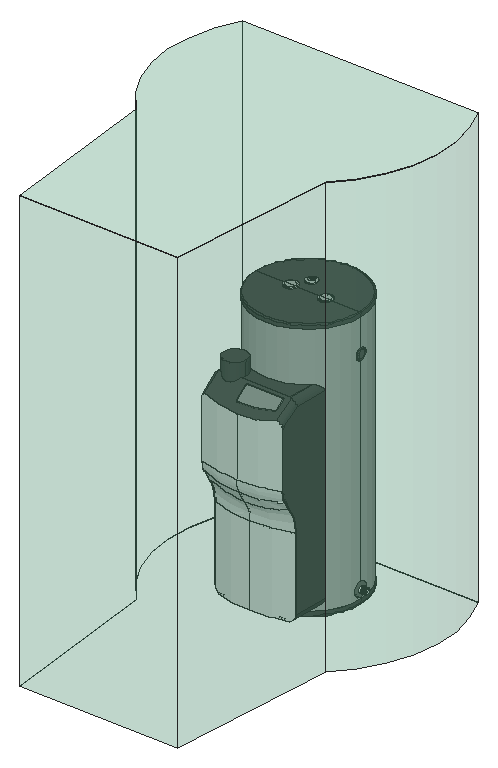
Revit family "Innovo BEFR_IR 20 200 BEFR NAT", category Mechanical Equipment, Revit 2015
Parameters (values of type "IR-20-200 BEFR NAT")
  largeur d'emballage = 786 mm  # constant formula
  l'Intervalle d'Entretien = "12 mois"  # constant formula
  Workspace Radius = Diameter + 170 mm  # 780 mm
  Workspace Height = Hauteur + 1000 mm  # 2545 mm
  Workspace Front Distance = 1000 mm
  Workspace [instance] = yes
  Valve Height 02 = if(and(Hauteur = 1745 mm, Diameter = 675 mm), 1518 mm, if(and(Hauteur = 1745 mm, Diameter = 610 mm), 1534 mm, if(Hauteur = 1545 mm, 1328 mm, 1070 mm)))  # 1328 mm
  Valve Height 01 = if(and(Diameter > 560 mm), 693 mm, 604 mm)  # 693 mm
  Valeur Maximale du Thermostat de Régulation = 85 °C  # constant formula
  Valeur Manimale du Thermostat de Régulation = 40 °C  # constant formula
  Valeur Défaut du Thermostat de Régulation = 65 °C  # constant formula
  URL = "www.aosmith.be"
  Type d'Installation = "B23/C13/C33/C43/C53/C63"  # constant formula
  Type d'emballage = "Carton et bois"  # constant formula
  Tension d'Alimentation (-15%, +10%) = 230 V  # constant formula
  Température Maximale des Fumées = 65 °C
  Temps de réchauffement à ΔT = 70°C = "31"
  Temps de réchauffement à ΔT = 55°C = "24"
  Temps de réchauffement à ΔT = 50°C = "22"
  Temps de réchauffement à ΔT = 44°C = "20"
  Temps de réchauffement à ΔT = 28°C = "13"
  Spécifications du Produit = ""
  Réglages du thermostat du chauffe-eau = 65 °C  # constant formula
  Réglage Standard Pour = "G20/G25"
  Rendement Saisonnier (Hs) = [Rendement (Hs, acc. NEN-EN 89 - 1999)]  # 95
  Rendement (Hs, acc. NEN-EN 89 - 1999) = 95
  Rendement (Hi, acc. NEN-EN 89 - 1999) = 106
  Raccord Évacuation de la Condensation = 40 mm  # constant formula
  Raccord de la Soupape de Vidange = 1"
  Raccord de Sortie d'Eau Chaude = 1"
  Raccord de Gaz = 15"  # constant formula
  Raccord d'Alimentation en Eau Froide = 3/4"  # constant formula
  Raccord Robinet de Vidange = 3/4"  # constant formula
  Puissance Électrique Absorbée (sommet) = 105 W
  Puissance Électrique Absorbée (nominal) = 85 W
  Profondeur d'emballage = 946 mm  # constant formula
  Profondeur = 780 mm  # constant formula
  Profils de soutirage déclaré = "XXL"
  Production Nominale = "30700.0/25600.0"
  Pression de Fonctionnement Maximale = 800000.0 Pa  # constant formula
  Pression Différentielle d'Ouverture de l'Interrupteur de Pression < = 210.0 Pa
  Pression Amont de Gaz = "2000/2500 Pa"
  Precaustions during assembling, installation or maintenance = "voir Manuel d'installation, d'emploi er d'entretien"  # constant formula
  Poids à vide = 120 kg
  Poids de Transport = 136 kg
  Phase = 1
  Pertes en Veille - tous les jours (24h) = 0 W
  Pertes en Veille = 0 W
  Nombre de modèle du produit (EAN) = "8717449286255"
  Niveau du Son dB (A) = "<45"  # constant formula
  Niveau de puissance acoustique à l'intérieur = "58 dB"
  NOx-émissions mg/kWh = "37.0/27.0"
  NOx-émissions (ven air, 0% O2) ppm = "24.0/17.0"
  Modèdele = "IR-32-245"
  Model = "IR-32-325 FR NAT"
  Marque commerciale = "A.O. Smith"  # constant formula
  Manufacturer = "A.O. Smith Water Products Company b.v."  # constant formula
  Largeur = Diameter  # 610 mm
  La commande intelligente = no
  L'efficacité énergétique pour le chauffage de l'eau (2) = "-"
  L'efficacité énergétique pour le chauffage de l'eau (1) = "92%"
  Hauteur du Raccordement au Gaz = 920 mm
  Hauteur de la Sortie d'eau Chaude = 1545 mm
  Hauteur de l'Alimentation en eau Froide = 170 mm
  Hauteur d'emballage = 1695 mm
  Hauteur Conduit d'Évacuation des Fumées = 1345 mm
  Hauteur Conduit d'Alimentation en Air = 1345 mm
  Hauteur = 1545 mm
  Guide de Produit = ""
  Garantie sur la Cuve = "36 mois"  # constant formula
  Garantie Pièces = "12 mois"  # constant formula
  Fréquence secteur = 50 Hz  # constant formula
  Forctionner qu'en heures creuses = no
  Fabricant No. = "E 7110"  # constant formula
  Epaisseur d'Isolation = 44 mm
  Débit de vidage à ΔT = 70°C après 90 min. = 710.0 L
  Débit de vidage à ΔT = 70°C après 60 min. = 520.0 L
  Débit de vidage à ΔT = 70°C après 30 min. = 330.0 L
  Débit de vidage à ΔT = 70°C après 120 min. = 900.0 L
  Débit de vidage à ΔT = 55°C après 90 min. = 930.0 L
  Débit de vidage à ΔT = 55°C après 60 min. = 690.0 L
  Débit de vidage à ΔT = 55°C après 30 min. = 440.0 L
  Débit de vidage à ΔT = 55°C après 120 min. = 1200.0 L
  Débit de vidage à ΔT = 50°C après 90 min. = 1100.0 L
  Débit de vidage à ΔT = 50°C après 60 min. = 760.0 L
  Débit de vidage à ΔT = 50°C après 30 min. = 500.0 L
  Débit de vidage à ΔT = 50°C après 120 min. = 1300.0 L
  Débit de vidage à ΔT = 44°C après 90 min. = 1200.0 L
  Débit de vidage à ΔT = 44°C après 60 min. = 870.0 L
  Débit de vidage à ΔT = 44°C après 30 min. = 570.0 L
  Débit de vidage à ΔT = 44°C après 120 min. = 1500.0 L
  Débit de vidage à ΔT = 28°C après 90 min. = 1900.0 L
  Débit de vidage à ΔT = 28°C après 60 min. = 1400.0 L
  Débit de vidage à ΔT = 28°C après 30 min. = 930.0 L
  Débit de vidage à ΔT = 28°C après 120 min. = 2400.0 L
  Débit de vidage en Continu à ΔT = 70°C = 380.0 L/s
  Débit de vidage en Continu à ΔT = 55°C = 480.0 L/s
  Débit de vidage en Continu à ΔT = 50°C = 530.0 L/s
  Débit de vidage en Continu à ΔT = 44°C = 600.0 L/s
  Débit de vidage en Continu à ΔT = 28°C = 960.0 L/s
  Diamètre Cheminée - Système Parallèle = "2x80"  # constant formula
  Diamètre Cheminée - Système Concentrique = "80/125 mm/mm"  # constant formula
  Diamètre Cheminée - Boiler = "80/125 mm/mm"  # constant formula
  Diameter = 610 mm
  Destination / Country = "Belgique"  # constant formula
  Description = "Préparateur ECS Solaire en Combinaison avec Réservoir de Stockage"  # constant formula
  D'autres profils de soutirage = "-"
  Created By = "http://www.cadcompany.nl/"
  Consommation de Gaz - Volume ltr/hr = "3.10/3.00"
  Consommation de Gaz - Masse kg/h = "a/p"
  Class d'efficacité énergétique (2) = "-"
  Class d'efficacité énergétique (1) = "A"  # constant formula
  Charge Nominale (Valeur Supérieure) = "32200.0/26800.0"
  Charge Nominale (Valeur Inférieure) = "29000.0/24100.0"
  Charge Maximale au Sol = 381 kg
  Catégorie de Gaz = "I2E(S)B"
  Capacité = 245.0 L
  CO2 Émissions (tol. +/- 1.0) vol% = "9.3/7.5"
  CE-PIN = "0063CQ3037"  # constant formula
  BIM Content Developer = "CAD & Company"  # constant formula
  Assembly Code = "D3010"
  Annual fuel consumption (2) = "-"
  Annual fuel consumption (1) = "21 GJ GCV"
  Annual electricity consumption (2) = "-"
  Annual electricity consumption (1) = "44 kWh"
  2ème Entretien (Entretien Général) = "12 mois après l'installation"  # constant formula
  1er Entretien (check-up) = "3 mois après l'installation"  # constant formula
Reference planes
  plane 1 "Center (Front/Back)": y = 0
  plane 2: z = 0
  plane 3 "Center (Left/Right)": x = 0
  plane 4 "Pipe": through (-383.901, 912.349, 194.799) normal (-0.0879, -0.0879, 0.9923)
  plane 5 "footing": y = 118.925
  plane 6 "footing front": y = -237.85
  plane 7: x = -305
  plane 8: x = 305
  plane 9: z = 1545
Forms (mm)
  Revolve 1, solid, material "RAL 9005", detail levels medium+fine
    sketch origin (0, -237.85, 0) x (-1, 0, 0) y (0, 0, 1)
      loop
        line (0, 28.9) -> (-15, 28.9) -> (-15, 26.4) -> (-8.671, 26.4) -> (-8.671, 18) -> (-5.686, 18) -> (-6.626, 17.06) -> (-6.626, 12.06) -> (-8.671, 12.06) -> (-8.671, 10) -> (-10.031, 10) -> (-23.271, 5.181)
        arc (-23.271, 5.181) -> (-23.763, 4.836) -> (-24.017, 4.293) r 1.159
        line (-24.017, 4.293) -> (-24.017, 1.03)
        arc (-24.017, 1.03) -> (-23.715, 0.302) -> (-22.986, 0) r 1.03
        line (-22.986, 0) -> (0, 0) -> (0, 28.9)
      axis (0, 28.9) -> (0, 0)
    angle from 0 to 360
  Revolve 2, solid, material "RAL 9005", detail levels medium+fine
    sketch origin (0, 118.925, 0) x (-1, 0, 0) y (0, 0, 1)
      loop
        line (-205.984, 28.9) -> (-220.984, 28.9) -> (-220.984, 26.4) -> (-214.655, 26.4) -> (-214.655, 18) -> (-211.67, 18) -> (-212.61, 17.06) -> (-212.61, 12.06) -> (-214.655, 12.06) -> (-214.655, 10) -> (-216.015, 10) -> (-229.256, 5.181)
        arc (-229.256, 5.181) -> (-229.747, 4.836) -> (-230.001, 4.293) r 1.159
        line (-230.001, 4.293) -> (-230.001, 1.03)
        arc (-230.001, 1.03) -> (-229.699, 0.302) -> (-228.971, 0) r 1.03
        line (-228.971, 0) -> (-205.984, 0) -> (-205.984, 28.9)
      axis (-205.984, 28.9) -> (-205.984, 0)
    angle from 0 to 360
  Revolve 3, solid, material "RAL 9005", detail levels medium+fine
    sketch origin (0, 118.925, 0) x (-1, 0, 0) y (0, 0, 1)
      loop
        line (204.016, 28.9) -> (189.016, 28.9) -> (189.016, 26.4) -> (195.345, 26.4) -> (195.345, 18) -> (198.33, 18) -> (197.39, 17.06) -> (197.39, 12.06) -> (195.345, 12.06) -> (195.345, 10) -> (193.985, 10) -> (180.744, 5.181)
        arc (180.744, 5.181) -> (180.253, 4.836) -> (179.999, 4.293) r 1.159
        line (179.999, 4.293) -> (179.999, 1.03)
        arc (179.999, 1.03) -> (180.301, 0.302) -> (181.029, 0) r 1.03
        line (181.029, 0) -> (204.016, 0) -> (204.016, 28.9)
      axis (204.016, 28.9) -> (204.016, 0)
    angle from 0 to 360
Lines and regions (mm)
  symbolic lines
    curve 1: line (0, 280.06, 0) -> (0, -280.06, 0)
    curve 2: line (-280.06, 0, 0) -> (280.06, 0, 0)
  symbolic lines, style "Workspace"
    curve 3: line (681.142, 380.06, 0) -> (-681.142, 380.06, 0)
    curve 4: arc (-681.142, 380.06, 0) -> (-777.325, -64.546, 0) -> (-609.127, -487.2, 0) r 780
    curve 5: line (-609.127, -487.2, 0) -> (-421.783, -1517.825, 0)
    curve 6: line (-421.783, -1517.825, 0) -> (424.03, -1517.825, 0)
    curve 7: line (424.03, -1517.825, 0) -> (611.027, -484.816, 0)
    curve 8: arc (611.027, -484.816, 0) -> (777.449, -63.027, 0) -> (681.142, 380.06, 0) r 780
Dimensions and locks
  plane 5 "footing" to plane 1 "Center (Front/Back)" = 118.925 mm
  plane 1 "Center (Front/Back)" to plane 6 "footing front" = 237.85 mm
  "Diameter": plane 7 to plane 8
  equal spacing: plane 7, plane 3 "Center (Left/Right)", plane 8
  "Hauteur": plane 9 to plane 2
  "Workspace Front Distance": curve 6 to nested 3
  "Workspace Radius": radius of curve 4
  "Workspace Radius": radius of curve 8
  aligned and locked: level to plane 2
  aligned and locked: nested 3 to Revolve 1 sketch curve
  aligned and locked: plane 3 "Center (Left/Right)" to Revolve 1 sketch curve
  aligned and locked: nested 3 to plane 1 "Center (Front/Back)"
  aligned and locked: plane 3 "Center (Left/Right)" to nested 3
  aligned and locked: nested 1 to plane 8
  aligned and locked: nested 5 to plane 8
  aligned and locked: nested 2 to plane 7
  aligned and locked: nested 4 to plane 7
  aligned and locked: nested 7 to plane 7
  aligned and locked: nested 8 to plane 3 "Center (Left/Right)"
  aligned and locked: plane 1 "Center (Front/Back)" to nested 8
  aligned and locked: nested 8 to nested 3
  aligned and locked: curve 3 to nested 8
Automatic sketch dimensions
  Revolve 1 sketch curve to level = 0 mm
  plane 3 "Center (Left/Right)" to Revolve 1 sketch curve = 5.686 mm
  Revolve 1 sketch curve to Revolve 1 sketch curve = 0.94 mm  (x2)
  Revolve 1 sketch curve to Revolve 1 sketch curve = 2.046 mm  (x2)
  Revolve 1 sketch curve to Revolve 1 sketch curve = 1.359 mm
  Revolve 1 sketch curve to Revolve 1 sketch curve = 6.329 mm
  level to Revolve 1 sketch curve = 4.091 mm
  Revolve 1 sketch curve to Revolve 1 sketch curve = 12.844 mm
  level to Revolve 1 sketch curve = 1.03 mm
  Revolve 1 sketch curve to Revolve 1 sketch curve = 0.111 mm
  level to Revolve 1 sketch curve = 5.181 mm
  Revolve 1 sketch curve to Revolve 1 sketch curve = 0.745 mm
  level to Revolve 1 sketch curve = 10 mm
  Revolve 1 sketch curve to Revolve 1 sketch curve = 2.06 mm
  Revolve 1 sketch curve to Revolve 1 sketch curve = 5 mm
  Revolve 1 sketch curve to Revolve 1 sketch curve = 8.4 mm
  Revolve 1 sketch curve to Revolve 1 sketch curve = 2.5 mm
  Revolve 1 sketch curve to level = 19.635 mm
  Revolve 1 sketch curve to Revolve 1 sketch curve = 46.465 mm
  Revolve 2 sketch curve to level = 0 mm
  level to Revolve 2 sketch curve = 1.03 mm
  Revolve 2 sketch curve to plane 8 = 74.999 mm
  level to Revolve 2 sketch curve = 5.181 mm
  Revolve 2 sketch curve to Revolve 2 sketch curve = 0.745 mm
  Revolve 2 sketch curve to Revolve 2 sketch curve = 0.397 mm
  Revolve 2 sketch curve to Revolve 2 sketch curve = 8.271 mm
  Revolve 2 sketch curve to Revolve 2 sketch curve = 13.241 mm
  Revolve 2 sketch curve to Revolve 2 sketch curve = 1.359 mm
  Revolve 2 sketch curve to Revolve 2 sketch curve = 6.329 mm
  Revolve 2 sketch curve to Revolve 2 sketch curve = 2.046 mm
  level to Revolve 2 sketch curve = 18 mm
  Revolve 2 sketch curve to Revolve 2 sketch curve = 0.94 mm  (x2)
  Revolve 2 sketch curve to Revolve 2 sketch curve = 8.671 mm
  Revolve 2 sketch curve to Revolve 2 sketch curve = 1.089 mm
  Revolve 2 sketch curve to Revolve 2 sketch curve = 8 mm
  Revolve 2 sketch curve to Revolve 2 sketch curve = 2.06 mm
  Revolve 2 sketch curve to Revolve 2 sketch curve = 8.4 mm
  Revolve 2 sketch curve to Revolve 2 sketch curve = 2.5 mm
  Revolve 2 sketch curve to Revolve 2 sketch curve = 0 mm
  Revolve 2 sketch curve to level = 19.635 mm
  Revolve 2 sketch curve to Revolve 2 sketch curve = 46.465 mm
  Revolve 3 sketch curve to level = 0 mm
  level to Revolve 3 sketch curve = 1.03 mm
  Revolve 3 sketch curve to plane 7 = 125.001 mm
  level to Revolve 3 sketch curve = 5.181 mm
  Revolve 3 sketch curve to Revolve 3 sketch curve = 0.745 mm
  Revolve 3 sketch curve to Revolve 3 sketch curve = 0.397 mm
  Revolve 3 sketch curve to Revolve 3 sketch curve = 8.271 mm
  Revolve 3 sketch curve to Revolve 3 sketch curve = 13.241 mm
  Revolve 3 sketch curve to Revolve 3 sketch curve = 1.359 mm
  Revolve 3 sketch curve to Revolve 3 sketch curve = 6.329 mm
  Revolve 3 sketch curve to Revolve 3 sketch curve = 2.046 mm
  level to Revolve 3 sketch curve = 18 mm
  Revolve 3 sketch curve to Revolve 3 sketch curve = 0.94 mm  (x2)
  Revolve 3 sketch curve to Revolve 3 sketch curve = 8.671 mm
  Revolve 3 sketch curve to Revolve 3 sketch curve = 1.089 mm
  Revolve 3 sketch curve to Revolve 3 sketch curve = 8 mm
  Revolve 3 sketch curve to Revolve 3 sketch curve = 2.06 mm
  Revolve 3 sketch curve to Revolve 3 sketch curve = 8.4 mm
  Revolve 3 sketch curve to Revolve 3 sketch curve = 2.5 mm
  Revolve 3 sketch curve to Revolve 3 sketch curve = 0 mm
  Revolve 3 sketch curve to level = 19.635 mm
  Revolve 3 sketch curve to Revolve 3 sketch curve = 46.465 mm
  curve 4 to curve 8 = 0 mm  (x2)
  plane 1 "Center (Front/Back)" to curve 2 = 0 mm
  curve 1 to plane 3 "Center (Left/Right)" = 0 mm
  plane 1 "Center (Front/Back)" to curve 4 = 0 mm
  curve 4 to plane 3 "Center (Left/Right)" = 0 mm
  curve 5 to plane 6 "footing front" = 249.35 mm
  plane 7 to curve 5 = 116.783 mm
  plane 8 to curve 7 = 119.03 mm
  curve 7 to plane 6 "footing front" = 246.966 mm
  curve 2 to plane 7 = 24.94 mm
  curve 2 to plane 8 = 24.94 mm
  curve 1 to plane 6 "footing front" = 42.21 mm
  plane 5 "footing" to curve 1 = 161.135 mm
Nested families
  nested 1: "Valve" at (305, -0.38, 1328) x (0, 1, 0) z (0, 0, 1), built-in parameter 1001364 <- "Valve Height 02", type "Valve"
  nested 2: "Drain Valve" at (-305, 0, 1328), built-in parameter 1001364 <- "Valve Height 02", type "Drain Valve"
  nested 3: "Housing Mother Housing S 57 (external)" at (0, -299.886, 0), type "Housing Mother_Housing S_57"
    with radius 305 mm, distance to boiler center 154 mm, diameter 610 mm
  nested 4: "Drain Valve" at (-305, 0, 177), type "Drain Valve"
  nested 5: "Drain Valve" at (305, 0, 107) x (-1, 0, 0) z (0, 0, 1), type "Drain Valve"
  nested 6: "Boiler" at (0, 0, 0), height <- "Hauteur", type "Boiler"
    with height 1545 mm, radius 305 mm, Diameter 610 mm
  nested 7: "Drain Valve" at (-305, 0, 693), built-in parameter 1001364 <- "Valve Height 01", type "Drain Valve"
  nested 8: "Innovo_workspace" at (0, 0, 0), Workspace <- "Workspace", Workspace Distance Front <- "Workspace Front Distance", Workspace Height <- "Workspace Height", Workspace Radius <- "Workspace Radius", type "Workspace"
    with Workspace Radius 780 mm, Workspace Height 2545 mm, Workspace Distance Front 1000 mm, Workspace yes, Center to Front 517.825 mm
Connectors
  piping at (339.826, 0, 107), diameter 19.05, driven by "Raccord Robinet de Vidange"
    settings: on nested 5, index 1, connector inside diameter 24", connector length 0 mm, flow factor 0, pipe flow 0.0 L/s, pressure drop 0.0 Pa, fitting loss kfactor 0, connector angle 0.00°, fixture units 0, engagement length 0 mm, angle of deflection 0.00°, flow configuration 0, flow direction 0, fitting loss method 0, system type 19, joint type 0, gender type 0, connector reference index -1, connector utility 0, adjustable connector no, is connector primary yes, connector description ""
  hvac at (-147.013, -346.326, 1310.674)
    settings: on nested 3, index 2, duct flow 0.0 L/s, flow factor 0, pres drop 0.0 Pa, loss coef 0, conn angle 0.00°, conn width 304.8 mm, conn height 304.8 mm, conn diameter 125 mm, duct sys type 4, conn prof type 0, flow config 0, flow direction 0, loss method 0, conn ref index -1, conn util no, is conn primary yes, conn desc ""
Definition of nested family "Valve"
  Parameters (values of type "Valve")
    Type Comments = "T&P valve (internal)"
    Manufacturer = "A.O. Smith"
  Reference planes
    plane 1 "Center (Front/Back)": y = 0
    plane 2: z = 0
    plane 3 "Center (Left/Right)": x = 0
  Forms (mm)
    Extrusion 1, solid, detail levels fine
      sketch origin (0, 0, 0) x (1, 0, 0) y (0, 0, 1)
        loop
          circle (0, 0) r 31.5
      from -2.271 to 1.4
    Sweep 2, solid, detail levels fine
      path origin (0, -1.4, 0) x (1, 0, 0) y (0, 0, 1)
        loop
          circle (0, 0) r 31.5
      profile origin (0, -1.4, 31.5) x (0, 0, -1) y (0, -1, 0)
        loop
          line (7.3, 0) -> (7.3, 3) -> (0, 0) -> (7.3, 0)
  Dimensions and locks
    aligned and locked: level to plane 2
Definition of nested family "Drain Valve"
  Reference planes
    plane 1 "Center (Front/Back)": y = 0
    plane 2: z = 0
    plane 3 "Center (Left/Right)": x = 0
  Forms (mm)
    Revolve 1, solid, detail levels medium+fine
      sketch origin (0, 0, 0) x (1, 0, 0) y (0, 0, 1)
        loop
          line (-33.442, 15.696) -> (-34.826, 14.329) -> (-34.93, 12.731) -> (-16.555, 12.731) -> (-16.555, 0) -> (15.787, 0) -> (15.787, 18.3) -> (-14.4, 18.3) -> (-17.148, 15.533) -> (-18.729, 16.697) -> (-20.091, 15.333) -> (-21.672, 16.496) -> (-23.034, 15.133) -> (-24.614, 16.296) -> (-25.976, 14.932) -> (-27.557, 16.096) -> (-28.919, 14.732) -> (-30.5, 15.896) -> (-31.862, 14.532) -> (-33.442, 15.696)
        axis (-34.93, 0) -> (15.787, 0)
      angle from 0 to 360
  Dimensions and locks
    aligned and locked: level to plane 2
  Nested families
    nested 1: "Rubber sealing" at (2.592, -0.155, 0) x (0.0023, -1, 0) z (0, 0, 1), type "Rubber sealing", detail levels fine
  Definition of nested family "Rubber sealing"
    Reference planes
      plane 1 "Center (Front/Back)": y = 0
      plane 2: z = 0
      plane 3 "Center (Left/Right)": x = 0
    Forms (mm)
      Extrusion 1, solid, detail levels fine
        sketch origin (141.861, 319.581, 0) x (1, 0, 0) y (0, 1, 0)
          loop
            line (-216.354, -311.898) -> (-216.354, -313.94)
            arc (-216.354, -313.94) -> (-141.602, -321.581) -> (-66.861, -313.835) r 366.966
            line (-66.861, -313.835) -> (-66.861, -311.791)
            arc (-66.861, -311.791) -> (-141.602, -319.581) -> (-216.354, -311.898) r 364.966
        from -80 to 80
      Extrusion 2, void
        sketch origin (141.861, 319.581, 0) x (1, 0, 0) y (0, 0, 1)
          loop
            circle (-141.861, 0) r 13
          loop
            circle (-141.861, 0) r 110
          loop
            circle (-141.861, 0) r 40
        from 311.563 to 332.684
      Extrusion 3, void
        sketch origin (141.861, 319.581, 0) x (1, 0, 0) y (0, 0, 1)
          loop
            circle (-141.861, 0) r 18.25
        from 315.524 to 326.084
    Cuts and joins
      Extrusion 2, Extrusion 3 cuts Extrusion 1
    Dimensions and locks
      aligned and locked: level to plane 2
Definition of nested family "Housing Mother Housing S 57 (external)"
  Parameters (values of type "Housing Mother_Housing S_57")
    radius [instance] = 280 mm
    distance to boiler center = if(diameter = 675 mm, 189 mm, if(diameter = 610 mm, 154 mm, 129 mm))  # 129 mm
    diameter = 560 mm
  Reference planes
    plane 1 "Center (Front/Back)": y = 0
    plane 2: z = 0
    plane 3 "Center (Left/Right)": x = 0
    plane 4 "left": through (-245.286, 145.886, 1200) normal (0.9994, 0.0349, 0)
    plane 5: y = -217.939
    plane 6: y = 145.886
    plane 7: z = 1232.6
    plane 8: z = 65.89
    plane 9 "right": through (245.286, 145.886, 1200) normal (0.9994, -0.0349, 0)
    plane 10 "display": through (0, -90.37, 1221.196) normal (0, -0.5736, 0.8192)
    plane 11 "Potentiostat": z = 867.899
    plane 12 "boiler center": y = 274.886
    plane 13: x = -280
    plane 14: x = 280
  Forms (mm)
    Extrusion 1, solid
      sketch origin (0, 0, 0) x (1, 0, 0) y (0, 1, 0)
        loop
          line (-245.286, 145.886) -> (-232.581, -217.939) -> (232.581, -217.939) -> (245.286, 145.886)
          arc (245.286, 145.886) -> (0, 0.923) -> (-245.286, 145.886) r 280
      from 0 to 1232.6
    Sweep 2, void
      path origin (0, 0, 0) x (0, 1, 0) y (0, 0, 1)
        loop
          line (-217.939, 1232.6) -> (-217.939, 795.555)
          arc (-217.939, 795.555) -> (-212.387, 754.285) -> (-197.694, 715.322) r 183.924
          arc (-197.694, 715.322) -> (-179.915, 684.628) -> (-159.106, 655.901) r 348.284
          arc (-159.106, 655.901) -> (-131.411, 600.328) -> (-121.88, 538.973) r 202.254
          line (-121.88, 538.973) -> (-121.88, 61.106)
      profile origin (0, -217.939, 1014.077) x (1, 0, 0) y (0, 1, 0)
        loop
          arc (0, 0) -> (-117.533, 9.941) -> (-231.728, 39.475) r 699.984
          arc (-231.728, 39.475) -> (-233.391, 40.705) -> (-234.07, 42.659) r 3.505
          line (-234.07, 42.659) -> (-254.062, 42.659) -> (-254.062, -142.593) -> (254.07, -142.593) -> (254.07, 42.659) -> (234.07, 42.659)
          arc (234.07, 42.659) -> (233.391, 40.705) -> (231.728, 39.475) r 3.505
          arc (231.728, 39.475) -> (117.533, 9.941) -> (0, 0) r 699.984
    Extrusion 3, void
      sketch origin (0, 0, 0) x (0, 1, 0) y (0, 0, 1)
        loop
          arc (102.864, 70.869) -> (99.804, 70.709) -> (96.874, 69.813) r 12.57
          arc (96.874, 69.813) -> (87.878, 66.533) -> (78.516, 64.529) r 69.114
          arc (78.516, 64.529) -> (76.41, 64.284) -> (74.294, 64.148) r 41.206
          arc (74.294, 64.148) -> (65.203, 64.335) -> (56.122, 64.782) r 318.661
          arc (56.122, 64.782) -> (30.585, 66.179) -> (5.028, 67.128) r 1456.581
          line (5.028, 67.128) -> (-84.534, 73.135)
          arc (-84.534, 73.135) -> (-86.363, 73.808) -> (-87.536, 75.365) r 3.455
          line (-87.536, 75.365) -> (-264.473, 75.365) -> (-264.473, 0) -> (160.886, 0) -> (160.886, 103.945) -> (145.886, 103.945)
          arc (145.886, 103.945) -> (145.104, 97.827) -> (142.923, 92.059) r 26.364
          arc (142.923, 92.059) -> (141.067, 88.936) -> (138.867, 86.045) r 31.715
          arc (138.867, 86.045) -> (135.576, 82.49) -> (132.021, 79.2) r 62.615
          arc (132.021, 79.2) -> (125.841, 74.697) -> (119.091, 71.103) r 54.444
          arc (119.091, 71.103) -> (116.371, 70.272) -> (113.531, 70.123) r 11.669
          line (113.531, 70.123) -> (102.864, 70.869)
      from -254.062 to 254.07
    Sweep 4, void
      path origin (0, 0, 0) x (1, 0, 0) y (0, 1, 0)
        loop
          line (-245.286, 145.886) -> (-232.581, -217.939)
      profile origin (-238.933, -36.027, 0) x (0.999391, 0.034899, 0) y (0, 0, 1)
        loop
          line (-4.454, 0) -> (47.084, 0) -> (47.084, 73.431)
          arc (47.084, 73.431) -> (14.222, 85.134) -> (0.255, 117.1) r 43.922
          line (0.255, 117.1) -> (-4.454, 117.1) -> (-4.454, 0)
    Sweep 5, void
      path origin (0, 0, 0) x (-1, 0, 0) y (0, 1, 0)
        loop
          line (-245.286, 145.886) -> (-232.581, -217.939)
      profile origin (238.933, -36.027, 0) x (0.999391, -0.034899, 0) y (0, 0, 1)
        loop
          line (4.454, 0) -> (4.454, 117.1) -> (-0.255, 117.1)
          arc (-0.255, 117.1) -> (-14.222, 85.134) -> (-47.084, 73.431) r 43.922
          line (-47.084, 73.431) -> (-47.084, 0) -> (4.454, 0)
    Sweep 6, void
      path origin (-239.899, -8.377, 0) x (-0.034899, 0.999391, 0) y (0, 0, 1)
        loop
          line (-209.69, 1141.272) -> (-79.18, 1232.6) -> (154.358, 1232.6)
      profile origin (-241.211, 29.188, 1232.6) x (0, 0, 1) y (0.999391, 0.034899, 0)
        loop
          line (-45, -30) -> (75, -30) -> (75, 0) -> (75, 55) -> (2.799, 55) -> (-1.253, 35.128)
          arc (-1.253, 35.128) -> (-16.771, 9.564) -> (-45, -0.308) r 44.287
          line (-45, -0.308) -> (-45, -30)
    Sweep 7, void
      path origin (239.899, -8.377, 0) x (0.034899, 0.999391, 0) y (0, 0, 1)
        loop
          line (-209.69, 1141.272) -> (-79.18, 1232.6) -> (154.358, 1232.6)
      profile origin (241.211, 29.188, 1232.6) x (0, 0, -1) y (-0.999391, 0.034899, 0)
        loop
          line (-75, -25) -> (45, -25) -> (45, -0.308)
          arc (45, -0.308) -> (16.771, 9.564) -> (1.253, 35.128) r 44.287
          line (1.253, 35.128) -> (-2.799, 55) -> (-75, 55) -> (-75, -25)
    Extrusion 8, void
      sketch origin (0, 0, 0) x (0, 1, 0) y (0, 0, 1)
        loop
          line (-270, 1336.099) -> (-270, 1099.081) -> (68.497, 1336.099) -> (-270, 1336.099)
      from -425.038 to 444.42
    Extrusion 9, solid, detail levels medium+fine
      sketch origin (0, 0, 0) x (1, 0, 0) y (0, 1, 0)
        loop
          circle (-147.013, -46.44) r 65
      from 1163.174 to 1310.674
    Extrusion 10, void
      sketch origin (0, -603.506, 861.895) x (0, 0.819152, 0.573576) y (-1, 0, 0)
        loop
          arc (618.322, -173) -> (623.272, -170.95) -> (625.322, -166) r 7
          line (625.322, -166) -> (625.322, 35)
          arc (625.322, 35) -> (623.272, 39.95) -> (618.322, 42) r 7
          line (618.322, 42) -> (535.473, 42)
          arc (535.473, 42) -> (530.688, 40.11) -> (528.488, 35.46) r 7
          arc (528.488, 35.46) -> (531.569, -67.592) -> (554.18, -168.18) r 540
          arc (554.18, -168.18) -> (556.724, -171.668) -> (560.831, -173) r 7
          line (560.831, -173) -> (618.322, -173)
      from 0 to 137.286
    Sweep 11, solid, detail levels fine
      path origin (0, 0, 867.899) x (-1, 0, 0) y (0, -1, 0)
        loop
          line (309.749, -35.617) -> (204.371, -35.617)
          arc (204.371, -35.617) -> (196.509, -34.687) -> (189.082, -31.947) r 33.677
          line (189.082, -31.947) -> (-9.574, 69.274)
      profile origin (-257.06, 35.617, 867.899) x (0, 1, 0) y (0, 0, 1)
        loop
          circle (0, 0) r 7.316
        loop
          circle (0, 0) r 6.465
    Revolve 12, void
      sketch origin (0, 274.886, 0) x (-1, 0, 0) y (0, 0, 1)
        loop
          line (280, 1243.838) -> (0, 1243.838) -> (0, 54.9) -> (280, 54.9) -> (280, 1243.838)
        axis (0, 1243.838) -> (0, 54.9)
      angle from 0 to 360
  Cuts and joins
    Sweep 2, Extrusion 3, Sweep 4, Sweep 5, Sweep 6, Sweep 7, Extrusion 8, Extrusion 10, Revolve 12 cuts Extrusion 1
  Dimensions and locks
    plane 8 to plane 2 = 65.89 mm
    plane 7 to plane 8 = 1166.71 mm
    "distance to boiler center": plane 12 "boiler center" to plane 6
    "diameter": plane 14 to plane 13
    equal spacing: plane 14, plane 3 "Center (Left/Right)", plane 13
    "radius": plane 3 "Center (Left/Right)" to plane 13
    aligned and locked: level to plane 2
    aligned and locked: Extrusion 1 to plane 7
    aligned and locked: Extrusion 1 sketch curve to plane 5
    aligned and locked: Sweep 2 to Extrusion 3
    aligned and locked: Extrusion 3 to Sweep 2  (x2)
    aligned and locked: plane 7 to Sweep 2 sketch curve
    aligned and locked: plane 3 "Center (Left/Right)" to Revolve 12 sketch curve
    aligned and locked: Revolve 12 sketch curve to plane 3 "Center (Left/Right)"
    aligned and locked: plane 13 to Revolve 12 sketch curve
  Automatic sketch dimensions
    Extrusion 1 sketch curve to plane 4 "left" = 0 mm  (x2)
    Extrusion 1 sketch curve to plane 6 = 0 mm  (x2)
    Extrusion 1 sketch curve to plane 3 "Center (Left/Right)" = 0 mm
    Extrusion 1 sketch curve to plane 9 "right" = 0 mm
    plane 6 to Extrusion 1 sketch curve = 135.037 mm
    Sweep 2 sketch curve to plane 5 = 0 mm
    plane 5 to Sweep 2 sketch curve = 106.195 mm
    Sweep 2 sketch curve to plane 5 = 96.059 mm
    plane 1 "Center (Front/Back)" to Sweep 2 sketch curve = 34.053 mm
    plane 11 "Potentiostat" to Sweep 2 sketch curve = 6.417 mm
    Sweep 2 sketch curve to plane 6 = 33.705 mm
    Sweep 2 sketch curve to plane 11 "Potentiostat" = 68.615 mm
    Sweep 2 sketch curve to plane 11 "Potentiostat" = 72.345 mm
    Sweep 2 sketch curve to Sweep 2 sketch curve = 176.349 mm
    Sweep 2 sketch curve to Sweep 2 sketch curve = 0 mm  (x2)
    plane 8 to Sweep 2 sketch curve = 4.784 mm
    Extrusion 3 sketch curve to level = 0 mm
    Extrusion 3 sketch curve to plane 6 = 0 mm
    Extrusion 3 sketch curve to plane 6 = 26.363 mm
    Extrusion 3 sketch curve to Extrusion 3 sketch curve = 4.75 mm
    Extrusion 3 sketch curve to Extrusion 3 sketch curve = 5.179 mm
    Extrusion 3 sketch curve to plane 8 = 4.232 mm
    Extrusion 3 sketch curve to Extrusion 3 sketch curve = 0.814 mm
    Extrusion 3 sketch curve to plane 8 = 4.978 mm
    Extrusion 3 sketch curve to Extrusion 3 sketch curve = 10.667 mm
    Extrusion 3 sketch curve to Extrusion 3 sketch curve = 0.877 mm
    Extrusion 3 sketch curve to Extrusion 3 sketch curve = 17.827 mm
    Extrusion 3 sketch curve to Extrusion 3 sketch curve = 5.646 mm
    Extrusion 3 sketch curve to plane 6 = 69.562 mm
    Extrusion 3 sketch curve to Extrusion 3 sketch curve = 18.6 mm
    Extrusion 3 sketch curve to Extrusion 3 sketch curve = 22.538 mm
    Extrusion 3 sketch curve to plane 8 = 1.238 mm
    Extrusion 3 sketch curve to plane 1 "Center (Front/Back)" = 5.028 mm
    plane 1 "Center (Front/Back)" to Extrusion 3 sketch curve = 36.224 mm
    Extrusion 3 sketch curve to plane 8 = 10.692 mm
    plane 1 "Center (Front/Back)" to Extrusion 3 sketch curve = 84.302 mm
    Extrusion 3 sketch curve to plane 8 = 7.244 mm
    Extrusion 3 sketch curve to Extrusion 3 sketch curve = 0.231 mm
    Extrusion 3 sketch curve to Extrusion 3 sketch curve = 3.234 mm
    plane 5 to Extrusion 3 sketch curve = 46.534 mm
    plane 6 to Extrusion 3 sketch curve = 15 mm
    Extrusion 3 sketch curve to level = 1388.869 mm
    plane 8 to Extrusion 3 sketch curve = 7.561 mm
    Extrusion 3 sketch curve to Extrusion 3 sketch curve = 11.64 mm
    Extrusion 3 sketch curve to plane 8 = 38.054 mm
    Extrusion 3 sketch curve to Extrusion 3 sketch curve = 22.442 mm
    Extrusion 3 sketch curve to plane 8 = 39.432 mm
    Extrusion 3 sketch curve to Extrusion 3 sketch curve = 2.466 mm
    Extrusion 3 sketch curve to Extrusion 3 sketch curve = 14.17 mm
    Extrusion 3 sketch curve to Extrusion 3 sketch curve = 5.925 mm
    Extrusion 3 sketch curve to Extrusion 3 sketch curve = 6.186 mm
    Extrusion 3 sketch curve to Extrusion 3 sketch curve = 249.85 mm
    Extrusion 3 sketch curve to Extrusion 3 sketch curve = 0 mm  (x4)
    Extrusion 3 sketch curve to Extrusion 3 sketch curve = 6.845 mm
    plane 8 to Extrusion 3 sketch curve = 1.743 mm
    Sweep 4 sketch curve to plane 4 "left" = 0 mm  (x2)
    Sweep 4 sketch curve to plane 6 = 0 mm
    plane 5 to Sweep 4 sketch curve = 0 mm
    Sweep 4 sketch curve to level = 0 mm
    profile plane to Sweep 4 sketch curve = 4.454 mm
    Sweep 4 sketch curve to profile plane = 0.255 mm
    Sweep 4 sketch curve to Sweep 4 sketch curve = 43.922 mm
    Sweep 4 sketch curve to profile plane = 47.084 mm
    level to Sweep 4 sketch curve = 73.431 mm
    Sweep 4 sketch curve to Sweep 4 sketch curve = 43.669 mm
    Sweep 5 sketch curve to plane 6 = 0 mm
    Sweep 5 sketch curve to plane 9 "right" = 0 mm  (x2)
    plane 5 to Sweep 5 sketch curve = 0 mm
    Sweep 5 sketch curve to level = 0 mm
    profile plane to Sweep 5 sketch curve = 47.084 mm
    Sweep 5 sketch curve to Sweep 5 sketch curve = 2.907 mm
    profile plane to Sweep 5 sketch curve = 0.255 mm
    Sweep 5 sketch curve to profile plane = 4.454 mm
    level to Sweep 5 sketch curve = 73.431 mm
    Sweep 5 sketch curve to Sweep 5 sketch curve = 43.669 mm
    Sweep 6 sketch curve to plane 7 = 0 mm
    plane 7 to Sweep 6 sketch curve = 91.328 mm
    Sweep 6 sketch curve to Sweep 6 sketch curve = 130.509 mm
    Sweep 6 sketch curve to Sweep 6 sketch curve = 233.538 mm
    Sweep 6 sketch curve to plane 4 "left" = 0 mm
    profile plane to Sweep 6 sketch curve = 45 mm
    Sweep 6 sketch curve to Sweep 6 sketch curve = 0.354 mm
    profile plane to Sweep 6 sketch curve = 1.253 mm
    Sweep 6 sketch curve to profile plane = 2.799 mm
    Sweep 6 sketch curve to Sweep 6 sketch curve = 72.201 mm
    Sweep 6 sketch curve to plane 4 "left" = 0.308 mm
    Sweep 6 sketch curve to Sweep 6 sketch curve = 29.692 mm
    plane 4 "left" to Sweep 6 sketch curve = 35.128 mm
    plane 4 "left" to Sweep 6 sketch curve = 55 mm
    Sweep 7 sketch curve to plane 7 = 0 mm
    Sweep 7 sketch curve to plane 7 = 91.328 mm
    Sweep 7 sketch curve to Sweep 7 sketch curve = 130.509 mm
    Sweep 7 sketch curve to Sweep 7 sketch curve = 233.538 mm
    Sweep 7 sketch curve to plane 9 "right" = 25 mm
    profile plane to Sweep 7 sketch curve = 75 mm
    profile plane to Sweep 7 sketch curve = 2.799 mm
    Sweep 7 sketch curve to profile plane = 1.253 mm
    Sweep 7 sketch curve to Sweep 7 sketch curve = 43.393 mm
    Sweep 7 sketch curve to profile plane = 45 mm
    Sweep 7 sketch curve to plane 9 "right" = 0.308 mm
    plane 9 "right" to Sweep 7 sketch curve = 35.128 mm
    Sweep 7 sketch curve to Sweep 7 sketch curve = 19.872 mm
    plane 5 to Extrusion 8 sketch curve = 52.061 mm
    Extrusion 8 sketch curve to plane 1 "Center (Front/Back)" = 68.497 mm
    plane 7 to Extrusion 8 sketch curve = 133.519 mm
    Extrusion 8 sketch curve to plane 7 = 103.499 mm
    plane 1 "Center (Front/Back)" to Extrusion 9 sketch curve = 46.44 mm
    Extrusion 9 sketch curve to plane 3 "Center (Left/Right)" = 147.013 mm
    Extrusion 10 sketch curve to plane 3 "Center (Left/Right)" = 0 mm
    Extrusion 10 sketch curve to plane 3 "Center (Left/Right)" = 35 mm
    Extrusion 10 sketch curve to Extrusion 10 sketch curve = 25.359 mm
    Extrusion 10 sketch curve to Extrusion 10 sketch curve = 57.491 mm
    Extrusion 10 sketch curve to plane 3 "Center (Left/Right)" = 42 mm
    Extrusion 10 sketch curve to Extrusion 10 sketch curve = 82.85 mm
    Extrusion 10 sketch curve to Extrusion 10 sketch curve = 7 mm
    Extrusion 10 sketch curve to Extrusion 10 sketch curve = 442 mm
    plane 3 "Center (Left/Right)" to Extrusion 10 sketch curve = 166 mm
    Extrusion 10 sketch curve to Extrusion 10 sketch curve = 0 mm  (x2)
    Sweep 11 sketch curve to plane 1 "Center (Front/Back)" = 31.947 mm
    Sweep 11 sketch curve to plane 3 "Center (Left/Right)" = 189.082 mm
    Sweep 11 sketch curve to plane 1 "Center (Front/Back)" = 1.94 mm
    Sweep 11 sketch curve to Sweep 11 sketch curve = 15.289 mm
    plane 3 "Center (Left/Right)" to Sweep 11 sketch curve = 9.574 mm
    Sweep 11 sketch curve to Sweep 11 sketch curve = 105.378 mm
    plane 1 "Center (Front/Back)" to Sweep 11 sketch curve = 69.274 mm
    Sweep 11 sketch curve to Sweep 11 sketch curve = 0 mm  (x2)
    Sweep 11 sketch curve to plane 11 "Potentiostat" = 0 mm
    Sweep 11 sketch curve to profile plane = 0 mm
    plane 8 to Revolve 12 sketch curve = 10.99 mm
    Revolve 12 sketch curve to plane 7 = 11.238 mm
    Revolve 12 sketch curve to level = 366.045 mm
    Revolve 12 sketch curve to Revolve 12 sketch curve = 971.917 mm
    Sweep 2 sketch curve to plane 3 "Center (Left/Right)" = 0 mm
    profile plane to Sweep 2 sketch curve = 0 mm
    Sweep 2 sketch curve to plane 3 "Center (Left/Right)" = 0.016 mm
    Sweep 2 sketch curve to profile plane = 42.782 mm  (x2)
    Sweep 2 sketch curve to plane 3 "Center (Left/Right)" = 230.568 mm
    plane 3 "Center (Left/Right)" to Sweep 2 sketch curve = 0.016 mm
    plane 3 "Center (Left/Right)" to Sweep 2 sketch curve = 230.568 mm
    Sweep 2 sketch curve to Sweep 2 sketch curve = 3.502 mm  (x2)
    Sweep 2 sketch curve to Sweep 2 sketch curve = 20 mm
    profile plane to Sweep 2 sketch curve = 142.593 mm
    Sweep 2 sketch curve to Sweep 2 sketch curve = 0.122 mm  (x2)
    Sweep 2 sketch curve to Sweep 2 sketch curve = 657.203 mm
    Sweep 2 sketch curve to Sweep 2 sketch curve = 19.991 mm
    radius of Extrusion 9 sketch curve = 65 mm
    radius of Sweep 11 sketch curve = 7.316 mm
    radius of Sweep 11 sketch curve = 6.465 mm
  Nested families
    nested 1: "display" at (65.5, -130.939, 1192.79) x (-1, 0, 0) z (0, -0.5736, 0.8192), type "display"
  Definition of nested family "display"
    Parameters (values of type "display")
      Default Elevation = 1219.2 mm
    Reference planes
      plane 1 "Center (Front/Back)": y = 0
      plane 2: z = 0
      plane 3 "Center (Left/Right)": x = 0
    Forms (mm)
      Extrusion 1, solid, detail levels medium+fine
        sketch origin (-16.958, 11.842, -343.878) x (1, 0, 0) y (0, 0, -1)
          loop
            line (-233.523, -343.878) -> (-233.523, -346.592) -> (332.686, -346.592) -> (332.686, -343.878) -> (-233.523, -343.878)
        from -228.7 to 150.822
      Extrusion 2, void
        sketch origin (-16.958, 6.842, -343.878) x (1, 0, 0) y (0, 1, 0)
          loop
            line (-233.523, 155.822) -> (-233.523, -223.7) -> (332.686, -223.7) -> (332.686, 155.822) -> (-233.523, 155.822)
          loop
            arc (-90.542, -48.267) -> (-88.492, -53.216) -> (-83.542, -55.267) r 7
            line (-83.542, -55.267) -> (117.458, -55.267)
            arc (117.458, -55.267) -> (122.408, -53.216) -> (124.458, -48.267) r 7
            line (124.458, -48.267) -> (124.458, 34.583)
            arc (124.458, 34.583) -> (122.568, 39.368) -> (117.918, 41.568) r 7
            arc (117.918, 41.568) -> (14.866, 38.487) -> (-85.722, 15.876) r 540
            arc (-85.722, 15.876) -> (-89.21, 13.332) -> (-90.542, 9.224) r 7
            line (-90.542, 9.224) -> (-90.542, -48.267)
        from 328.878 to 363.083
    Cuts and joins
      Extrusion 2 cuts Extrusion 1
    Dimensions and locks
      aligned and locked: level to plane 2
Definition of nested family "Boiler"
  Parameters (values of type "Boiler")
    radius [instance] = 280 mm
    height [instance] = 1270 mm
    Diameter = 560 mm
  Reference planes
    plane 1 "Center (Front/Back)": y = 0
    plane 2: z = 0
    plane 3 "Center (Left/Right)": x = 0
    plane 4: z = 1243.838
    plane 5: z = 1270
    plane 6 "bottom": z = 28.9
    plane 7: z = 54.9
    plane 8 "top controle": y = 88
    plane 9: x = -280
    plane 10: x = 280
  Forms (mm)
    Revolve 1, solid
      sketch origin (0, 0, 0) x (1, 0, 0) y (0, 0, 1)
        loop
          line (0, 54.9) -> (-280, 54.9) -> (-280, 32.9)
          arc (-280, 32.9) -> (-278.828, 30.072) -> (-276, 28.9) r 4
          line (-276, 28.9) -> (0, 28.9) -> (0, 54.9)
        axis (0, 28.9) -> (0, 54.9)
      angle from 0 to 360
    Revolve 2, solid
      sketch origin (1.311, 0, 0) x (1, 0, 0) y (0, 0, 1)
        loop
          line (-278.86, 1243.838) -> (-278.86, 54.9) -> (-1.311, 54.9) -> (-1.311, 1243.838) -> (-278.86, 1243.838)
        axis (-1.311, 1243.838) -> (-1.311, 54.9)
      angle from 0 to 360
    Revolve 3, solid
      sketch origin (-9.205, 0, 377.212) x (-1, 0, 0) y (0, 0, 1)
        loop
          line (-148.904, 892.788) -> (-110.805, 892.788) -> (-110.805, 895.963) -> (-141.883, 895.963) -> (-148.904, 893.62) -> (-148.904, 892.788)
        axis (-110.805, 892.788) -> (-110.805, 895.963)
      angle from 0 to 360
    Revolve 4, solid
      sketch origin (0, 0, 718.065) x (1, 0, 0) y (0, 0, -1)
        loop
          line (0, -525.773) -> (-280, -525.773) -> (-280, -547.935)
          arc (-280, -547.935) -> (-278.828, -550.763) -> (-276, -551.935) r 4
          line (-276, -551.935) -> (0, -551.935) -> (0, -525.773)
        axis (0, -551.935) -> (0, -525.773)
      angle from 0 to 360
    Revolve 5, solid
      sketch origin (0, 88, 0) x (1, 0, 0) y (0, 0, 1)
        loop
          line (-19.051, 1270) -> (-19.051, 1271.074) -> (-32.63, 1275.604) -> (-32.63, 1271.117) -> (-37.266, 1271.117) -> (-38.383, 1270) -> (-19.051, 1270)
        axis (-50.8, 1270) -> (-50.8, 1275.604)
      angle from 0 to 360
    Revolve 6, solid
      sketch origin (-217.12, 0, 372.245) x (-1, 0, 0) y (0, 0, 1)
        loop
          line (-153.622, 897.755) -> (-115.52, 897.755) -> (-115.52, 900.93) -> (-146.626, 900.93) -> (-153.622, 898.596) -> (-153.622, 897.755)
        axis (-115.52, 897.755) -> (-115.52, 900.93)
      angle from 0 to 360
  Dimensions and locks
    "height": plane 5 to plane 2
    plane 6 "bottom" to plane 2 = 28.9 mm
    locked: plane 5 to plane 4 at 26.162
    locked: plane 1 "Center (Front/Back)" to plane 8 "top controle" at 88
    "Diameter": plane 10 to plane 9
    equal spacing: plane 10, plane 3 "Center (Left/Right)", plane 9
    "radius": plane 3 "Center (Left/Right)" to plane 9
    locked: plane 9 to Revolve 2 sketch curve at 2.452
    aligned and locked: level to plane 2
    aligned and locked: Revolve 2 sketch curve to plane 7
    aligned and locked: Revolve 2 sketch curve to plane 4
    aligned and locked: Revolve 1 sketch curve to plane 7
    aligned and locked: plane 6 "bottom" to Revolve 1 sketch curve
    aligned and locked: Revolve 4 sketch curve to plane 3 "Center (Left/Right)"
    aligned and locked: plane 5 to Revolve 4 sketch curve
    aligned and locked: Revolve 4 sketch curve to plane 4
    aligned and locked: plane 9 to Revolve 4 sketch curve
    aligned and locked: Revolve 1 sketch curve to plane 9
    aligned and locked: Revolve 2 sketch curve to plane 3 "Center (Left/Right)"
    aligned and locked: plane 3 "Center (Left/Right)" to Revolve 2 sketch curve
  Automatic sketch dimensions
    Revolve 1 sketch curve to plane 3 "Center (Left/Right)" = 0 mm  (x2)
    Revolve 1 sketch curve to Revolve 1 sketch curve = 4 mm
    Revolve 1 sketch curve to level = 40 mm
    Revolve 1 sketch curve to Revolve 1 sketch curve = 305.1 mm
    Revolve 2 sketch curve to level = 366.045 mm
    Revolve 2 sketch curve to plane 5 = 945.755 mm
    Revolve 3 sketch curve to plane 5 = 0 mm
    Revolve 3 sketch curve to plane 3 "Center (Left/Right)" = 139.699 mm
    plane 5 to Revolve 3 sketch curve = 3.175 mm
    Revolve 3 sketch curve to Revolve 3 sketch curve = 7.022 mm
    Revolve 3 sketch curve to Revolve 3 sketch curve = 31.078 mm
    Revolve 3 sketch curve to Revolve 3 sketch curve = 0.832 mm
    Revolve 3 sketch curve to Revolve 3 sketch curve = 0 mm
    Revolve 3 sketch curve to Revolve 3 sketch curve = 2.338 mm
    Revolve 3 sketch curve to Revolve 3 sketch curve = 4.487 mm
    Revolve 4 sketch curve to plane 3 "Center (Left/Right)" = 0 mm
    Revolve 4 sketch curve to Revolve 4 sketch curve = 4 mm
    Revolve 4 sketch curve to Revolve 4 sketch curve = 68.738 mm
    Revolve 4 sketch curve to Revolve 4 sketch curve = 305.1 mm
    Revolve 6 sketch curve to plane 5 = 0 mm
    plane 3 "Center (Left/Right)" to Revolve 6 sketch curve = 63.497 mm
    plane 5 to Revolve 6 sketch curve = 3.175 mm
    Revolve 6 sketch curve to Revolve 6 sketch curve = 6.997 mm
    Revolve 6 sketch curve to Revolve 6 sketch curve = 31.106 mm
    Revolve 6 sketch curve to Revolve 6 sketch curve = 0.84 mm
    Revolve 6 sketch curve to Revolve 6 sketch curve = 0 mm
    Revolve 6 sketch curve to Revolve 6 sketch curve = 7.216 mm
    Revolve 6 sketch curve to Revolve 6 sketch curve = 0.391 mm
    Revolve 5 sketch curve to Revolve 5 sketch curve = 13.578 mm
    Revolve 5 sketch curve to Revolve 5 sketch curve = 1.074 mm
    Revolve 5 sketch curve to Revolve 5 sketch curve = 12.417 mm
    Revolve 5 sketch curve to Revolve 5 sketch curve = 5.753 mm
    Revolve 5 sketch curve to plane 5 = 1.117 mm
    Revolve 5 sketch curve to Revolve 5 sketch curve = 1.117 mm
    plane 5 to Revolve 5 sketch curve = 4.396 mm
    Revolve 5 sketch curve to plane 5 = 0 mm
    Revolve 5 sketch curve to Revolve 5 sketch curve = 4.487 mm
    Revolve 5 sketch curve to plane 3 "Center (Left/Right)" = 38.383 mm
    Revolve 5 sketch curve to plane 5 = 5.604 mm
Definition of nested family "Innovo_workspace"
  Parameters (values of type "Workspace")
    Workspace Radius [instance] = 730 mm
    Workspace Height [instance] = 2270 mm
    Workspace Distance Front [instance] = 1000 mm
    Workspace [instance] = yes
    URL = "www.aosmith.nl"
    Model = ""
    Manufacturer = "A.O. Smith Water Products Company b.v."  # constant formula
    Description = ""
    Created By = ""
    Center to Front [instance] = 492.825 mm
    BIM Content Developer = "CAD & Company"  # constant formula
    Assembly Code = ""
  Reference planes
    plane 1 "Center (Front/Back)": y = 0
    plane 2: z = 0
    plane 3 "Center (Left/Right)": x = 0
    plane 4 "Pipe": through (-383.901, 912.349, 194.799) normal (-0.0879, -0.0879, 0.9923)
    plane 5 "front": y = -492.825
  Forms (mm)
    Extrusion 1, solid, visible <- "Workspace"
      sketch origin (0, 0, 0) x (1, 0, 0) y (0, 1, 0)
        loop
          line (456.53, -1492.825) -> (500.201, -531.695)
          arc (500.201, -531.695) -> (723.44, -97.643) -> (623.261, 380.06) r 730
          line (623.261, 380.06) -> (-623.261, 380.06)
          arc (-623.261, 380.06) -> (-723.227, -99.209) -> (-497.893, -533.856) r 730
          line (-497.893, -533.856) -> (-454.283, -1492.825) -> (456.53, -1492.825)
      from 0 to 2270 <- "Workspace Height"
  Lines and regions (mm)
    symbolic lines
      curve 1: line (0, 280.06, 0) -> (0, -280.06, 0)
      curve 2: line (-255.06, 0, 0) -> (255.06, 0, 0)
  Dimensions and locks
    locked: Extrusion 1 sketch curve to curve 1 at 100
    "Workspace Distance Front": plane 5 "front" to Extrusion 1
    "Center to Front": plane 1 "Center (Front/Back)" to plane 5 "front"
    "Workspace Radius": radius of Extrusion 1 sketch curve  (x2)
    aligned and locked: level to plane 2
  Automatic sketch dimensions
    plane 1 "Center (Front/Back)" to curve 2 = 0 mm
    curve 1 to plane 3 "Center (Left/Right)" = 0 mm
    plane 3 "Center (Left/Right)" to curve 2 = 255.06 mm
    curve 1 to plane 1 "Center (Front/Back)" = 280.06 mm
    curve 2 to plane 3 "Center (Left/Right)" = 255.06 mm
    plane 5 "front" to curve 1 = 212.765 mm
    Extrusion 1 sketch curve to Extrusion 1 sketch curve = 0 mm  (x2)
    plane 1 "Center (Front/Back)" to Extrusion 1 sketch curve = 0 mm
    Extrusion 1 sketch curve to plane 3 "Center (Left/Right)" = 0 mm
    Extrusion 1 sketch curve to plane 5 "front" = 41.031 mm
    Extrusion 1 sketch curve to plane 3 "Center (Left/Right)" = 454.283 mm
    plane 3 "Center (Left/Right)" to Extrusion 1 sketch curve = 456.53 mm
    Extrusion 1 sketch curve to plane 5 "front" = 38.869 mm
    Extrusion 1 sketch curve to Extrusion 1 sketch curve = 961.131 mm
